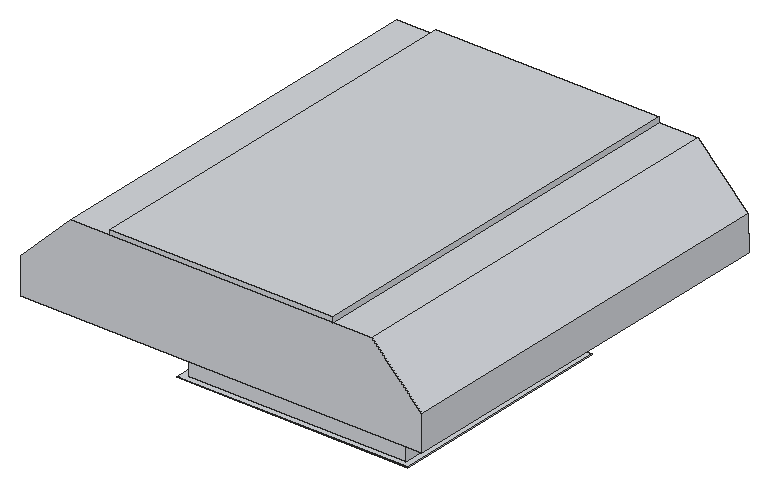
Revit family "HEF-D", category Mechanical Equipment, Revit 2019
Family settings
  Round Connector Dimension = Use Diameter
  Part Type = Normal
  Work Plane-Based = No
  Always vertical = Yes
  Cut with Voids When Loaded = No
  Shared = No
  Room Calculation Point = No
Parameters (values of type "54-HEF-D")
  Unit Weight [instance] = ""
  Sones [instance] = ""
  RO/2 = RO / 2  # 2' - 6 3/4"
  Motor RPM [instance] = ""
  Motor Enclosure [instance] = ""
  ModelID [instance] = ""
  LwA [instance] = ""
  W/2 = W / 2  # 4' - 11 1/2"
  L/2 = L / 2  # 5' - 0 1/2"
  RO = T_SQ - 0' 4 1/2"  # 5' - 1 1/2"
  T_SQ/2 = T_SQ / 2  # 2' - 9"
  Fan RPM [instance] = ""
  T_SQ = 5' - 6"
  W = 9' - 11"
  L = 10' - 1"
  CURB_HEIGHT [instance] = 0' - 9 1/2"
  CURB [instance] = yes
  C/2 = C / 2  # 0' - 7 3/8"
  C = 1' - 2 3/4"
  Brake Hp [instance] = ""
  B/2 = B / 2  # 0' - 1 1/2"
  B-.125" = B - 0' 0 1/8"  # 0' - 2 7/8"
  Accessories [instance] = ""
  A-C = A - C  # 2' - 5 3/4"
  B = 0' - 3"
  A/2 = A / 2  # 1' - 10 1/4"
  A-1.5" = A - 0' 1 1/2"  # 3' - 7"
  A = 3' - 8 1/2"
  4" = 0' - 4"  # constant formula
  2' = 2' - 0"
  2" = 0' - 2"  # constant formula
  1" = 0' - 1"  # constant formula
  0 = 0' - 0"  # constant formula
  Voltage [instance] = 0 V
  URL = "www.lorencook.com"
  Type Comments = "Hooded Supply Ventilator Extruded Aluminum Propeller Roof Mounted/Direct Drive Bi-Directional Unit"  # constant formula
  Static Pressure [instance] = 0.00 in-wg
  Power [instance] = Voltage * Motor FLA * sqrt(if(Phase = 3, 3, 1))  # 0 VA
  Phase [instance] = 0
  Number of Poles [instance] = 1
  Motor Hp [instance] = "0"
  Motor FLA [instance] = 0 A
  Model = "HEF-D"  # constant formula
  Manufacturer = "Loren Cook Company"
  CFM [instance] = 0 CFM
  1.5 = 0' - 1 1/2"  # constant formula
  ONE EIGTH = 0' - 0 1/8"  # constant formula
  -L/2 = -L / 2  # -5' - 0 1/2"
  -(C/2) = -(C / 2)  # -0' - 7 3/8"
  -(A/2) = -(A / 2)  # -1' - 10 1/4"
  (T_SQ/2)-2" = (T_SQ / 2) - 0' 2"  # 2' - 7"
  (T_SQ/2)+.125" = (T_SQ / 2) + 0' 0 1/8"  # 2' - 9 1/8"
  (A-C)/2 = (A - C) / 2  # 1' - 2 7/8"
Types (8): name | RO/2 | W/2 | L/2 | RO | T_SQ/2 | T_SQ | W | L | C/2 | C | B/2 | B-.125" | A-C | B | A/2 | A-1.5" | A | -L/2 | -(C/2) | -(A/2) | (T_SQ/2)-2" | (T_SQ/2)+.125" | (A-C)/2
  (no name) | 2' - 6 3/4" | 4' - 11 1/2" | 5' - 0 1/2" | 5' - 1 1/2" | 2' - 9" | 5' - 6" | 9' - 11" | 10' - 1" | 0' - 7 3/8" | 1' - 2 3/4" | 0' - 1 1/2" | 0' - 2 7/8" | 2' - 5 3/4" | 0' - 3" | 1' - 10 1/4" | 3' - 7" | 3' - 8 1/2" | -5' - 0 1/2" | -0' - 7 3/8" | -1' - 10 1/4" | 2' - 7" | 2' - 9 1/8" | 1' - 2 7/8"
  20-HEF-D | 1' - 1 3/4" | 2' - 5 1/2" | 2' - 5 1/2" | 2' - 3 1/2" | 1' - 4" | 2' - 8" | 4' - 11" | 4' - 11" | 0' - 5" | 0' - 10" | 0' - 1" | 0' - 1 7/8" | 1' - 6 3/4" | 0' - 2" | 1' - 2 3/8" | 2' - 3 1/4" | 2' - 4 3/4" | -2' - 5 1/2" | -0' - 5" | -1' - 2 3/8" | 1' - 2" | 1' - 4 1/8" | 0' - 9 3/8"
  30-HEF-D | 1' - 6 3/4" | 3' - 4" | 3' - 4" | 3' - 1 1/2" | 1' - 9" | 3' - 6" | 6' - 8" | 6' - 8" | 0' - 5" | 0' - 10" | 0' - 1 1/2" | 0' - 2 7/8" | 1' - 11" | 0' - 3" | 1' - 4 1/2" | 2' - 7 1/2" | 2' - 9" | -3' - 4" | -0' - 5" | -1' - 4 1/2" | 1' - 7" | 1' - 9 1/8" | 0' - 11 1/2"
  36-HEF-D | 1' - 9 3/4" | 3' - 9" | 3' - 9" | 3' - 7 1/2" | 2' - 0" | 4' - 0" | 7' - 6" | 7' - 6" | 0' - 5" | 0' - 10" | 0' - 1 1/2" | 0' - 2 7/8" | 2' - 4" | 0' - 3" | 1' - 7" | 3' - 0 1/2" | 3' - 2" | -3' - 9" | -0' - 5" | -1' - 7" | 1' - 10" | 2' - 0 1/8" | 1' - 2"
  42-HEF-D | 2' - 0 3/4" | 3' - 9" | 4' - 7" | 4' - 1 1/2" | 2' - 3" | 4' - 6" | 7' - 6" | 9' - 2" | 0' - 6 3/4" | 1' - 1 1/2" | 0' - 1 1/2" | 0' - 2 7/8" | 2' - 4" | 0' - 3" | 1' - 8 3/4" | 3' - 4" | 3' - 5 1/2" | -4' - 7" | -0' - 6 3/4" | -1' - 8 3/4" | 2' - 1" | 2' - 3 1/8" | 1' - 2"
  48-HEF-D | 2' - 3 3/4" | 4' - 6 1/2" | 4' - 7 1/2" | 4' - 7 1/2" | 2' - 6" | 5' - 0" | 9' - 1" | 9' - 3" | 0' - 7 3/8" | 1' - 2 3/4" | 0' - 1 1/2" | 0' - 2 7/8" | 2' - 5 3/4" | 0' - 3" | 1' - 10 1/4" | 3' - 7" | 3' - 8 1/2" | -4' - 7 1/2" | -0' - 7 3/8" | -1' - 10 1/4" | 2' - 4" | 2' - 6 1/8" | 1' - 2 7/8"
  54-HEF-D | 2' - 6 3/4" | 4' - 11 1/2" | 5' - 0 1/2" | 5' - 1 1/2" | 2' - 9" | 5' - 6" | 9' - 11" | 10' - 1" | 0' - 7 3/8" | 1' - 2 3/4" | 0' - 1 1/2" | 0' - 2 7/8" | 2' - 5 3/4" | 0' - 3" | 1' - 10 1/4" | 3' - 7" | 3' - 8 1/2" | -5' - 0 1/2" | -0' - 7 3/8" | -1' - 10 1/4" | 2' - 7" | 2' - 9 1/8" | 1' - 2 7/8"
  24-HEF-D | 1' - 3 3/4" | 2' - 10 1/2" | 2' - 10 1/2" | 2' - 7 1/2" | 1' - 6" | 3' - 0" | 5' - 9" | 5' - 9" | 0' - 5" | 0' - 10" | 0' - 1 1/2" | 0' - 2 7/8" | 1' - 8 1/2" | 0' - 3" | 1' - 3 1/4" | 2' - 5" | 2' - 6 1/2" | -2' - 10 1/2" | -0' - 5" | -1' - 3 1/4" | 1' - 4" | 1' - 6 1/8" | 0' - 10 1/4"
Reference planes (in)
  plane 1 "Center (Front/Back)": y = 0
  plane 2: z = 0
  plane 3 "Center (Left/Right)": x = 0.40541
Forms (in)
  Extrusion 1, solid
    sketch origin (0, 0, 0) x (1, 0, 0) y (0, 1, 0)
      loop
        line (-32.71959, 33.125) -> (-32.71959, -33.125) -> (33.53041, -33.125) -> (33.53041, 33.125) -> (-32.71959, 33.125)
    from 0 to 3 <- "B"
  Extrusion 2, void
    sketch origin (0, 0, 0) x (1, 0, 0) y (0, 1, 0)
      loop
        line (-32.59459, 33) -> (-32.59459, -33) -> (33.40541, -33) -> (33.40541, 33) -> (-32.59459, 33)
    from 0 to 2.875 <- "B-.125""
  Revolve 3, solid
    sketch origin (0, 0, 0) x (1, 0, 0) y (0, 0, 1)
      loop
        line (0.40541, 3) -> (31.40541, 3)
        arc (31.40541, 3) -> (24.03041, 10.375) -> (31.40541, 17.75) r 7.375
        line (31.40541, 17.75) -> (0.40541, 17.75) -> (0.40541, 3)
      axis (0.40541, 17.75) -> (0.40541, 3)
    angle from 0 to 360
  Extrusion 4, solid
    sketch origin (0, 0, 0) x (1, 0, 0) y (0, 0, 1)
      loop
        line (-59.09459, 17.75) -> (59.90541, 17.75) -> (59.90541, 43) -> (-59.09459, 43) -> (-59.09459, 17.75)
    from -60.5 <- "-L/2" to 60.5 <- "L/2"
  Extrusion 5, solid
    sketch origin (0, 0, 0) x (1, 0, 0) y (0, 0, 1)
      loop
        line (-32.59459, 43) -> (33.40541, 43) -> (33.40541, 44.5) -> (-32.59459, 44.5) -> (-32.59459, 43)
    from 60.5 <- "L/2" to -60.5 <- "-L/2"
  Extrusion 6, void
    sketch origin (0, 0, 0) x (1, 0, 0) y (0, 0, 1)
      loop
        line (45.03041, 43) -> (59.90541, 28.125) -> (59.90541, 43) -> (45.03041, 43)
      loop
        line (-44.21959, 43) -> (-59.09459, 43) -> (-59.09459, 28.125) -> (-44.21959, 43)
    from 60.5 <- "L/2" to -60.5 <- "-L/2"
  Extrusion 7, solid, visible <- "CURB"
    sketch origin (0, 0, 2.875) x (0, 1, 0) y (1, 0, 0)
      loop
        line (30.75, -30.34459) -> (30.75, 31.15541) -> (-30.75, 31.15541) -> (-30.75, -30.34459) -> (30.75, -30.34459)
      loop
        line (-32.25, 32.65541) -> (-32.25, -31.84459) -> (32.25, -31.84459) -> (32.25, 32.65541) -> (-32.25, 32.65541)
    from 0 to 9.5 <- "CURB_HEIGHT"
  Extrusion 8, solid, visible <- "CURB"
    sketch origin (0, 0, -6.625) x (-1, 0, 0) y (0, 1, 0)
      loop
        line (31.84459, -32.25) -> (31.84459, 32.25) -> (-32.65541, 32.25) -> (-32.65541, -32.25) -> (31.84459, -32.25)
      loop
        line (-34.65541, 34.25) -> (-34.65541, -34.25) -> (33.84459, -34.25) -> (33.84459, 34.25) -> (-34.65541, 34.25)
    from 0 to -0.125
Cuts and joins
  Extrusion 2 cuts Extrusion 1
  Extrusion 6 cuts Extrusion 4
  Extrusion 6 cuts Extrusion 5
Dimensions and locks (in)
  "(T_SQ/2)+.125"": Extrusion 1 sketch curve to plane 3 "Center (Left/Right)"
  "(T_SQ/2)+.125"": plane 3 "Center (Left/Right)" to Extrusion 1 sketch curve
  "(T_SQ/2)+.125"": plane 1 "Center (Front/Back)" to Extrusion 1 sketch curve
  "(T_SQ/2)+.125"": Extrusion 1 sketch curve to plane 1 "Center (Front/Back)"
  "T_SQ/2": Extrusion 2 sketch curve to plane 3 "Center (Left/Right)"
  "T_SQ/2": plane 3 "Center (Left/Right)" to Extrusion 2 sketch curve
  "T_SQ/2": plane 1 "Center (Front/Back)" to Extrusion 2 sketch curve
  "T_SQ/2": Extrusion 2 sketch curve to plane 1 "Center (Front/Back)"
  "C": Revolve 3 sketch curve to cut or joined group of Extrusion 1, Extrusion 2
  "(T_SQ/2)-2"": Revolve 3 sketch curve to plane 3 "Center (Left/Right)"
  "0": Revolve 3 sketch curve to plane 3 "Center (Left/Right)"  (x2)
  "0": Revolve 3 sketch curve to cut or joined group of Extrusion 1, Extrusion 2
  "A-1.5"": Extrusion 4 sketch curve to level
  "0": Extrusion 4 sketch curve to Revolve 3
  "W/2": Extrusion 4 sketch curve to plane 3 "Center (Left/Right)"  (x2)
  "0": Extrusion 5 sketch curve to Extrusion 4
  "1.5": Extrusion 5 sketch curve to Extrusion 5 sketch curve
  "T_SQ/2": Extrusion 5 sketch curve to plane 3 "Center (Left/Right)"
  "T_SQ/2": plane 3 "Center (Left/Right)" to Extrusion 5 sketch curve
  "0": Extrusion 6 sketch curve to Extrusion 4  (x3)
  "0": Extrusion 4 to Extrusion 6 sketch curve
  "(A-C)/2": Extrusion 6 sketch curve to Extrusion 6 sketch curve  (x4)
  "1.5": Extrusion 7 sketch curve to Extrusion 7 sketch curve  (x4)
  "RO/2": Extrusion 7 sketch curve to plane 3 "Center (Left/Right)"
  "RO/2": plane 3 "Center (Left/Right)" to Extrusion 7 sketch curve
  "RO/2": plane 1 "Center (Front/Back)" to Extrusion 7 sketch curve
  "RO/2": Extrusion 7 sketch curve to plane 1 "Center (Front/Back)"
  "2"": Extrusion 8 sketch curve to Extrusion 8 sketch curve  (x4)
  "0": Extrusion 8 sketch curve to Extrusion 7  (x3)
  "0": Extrusion 7 to Extrusion 8 sketch curve
Automatic sketch dimensions
  Revolve 3 sketch curve to level = 0' - 4"
  Revolve 3 sketch curve to Revolve 3 sketch curve = 0' - 0"
Connectors (in)
  hvac at (0.40541, 0, 2.875), driven by "RO", driven by "RO", driven by "CFM"
    settings: on cut or joined group of Extrusion 1, Extrusion 2, index 1, duct flow 0 CFM, flow factor 0, pres drop 0.00 in-wg, loss coef 0, conn angle 0.00°, conn width 61 1/2", conn height 61 1/2", conn diameter 24", duct sys type 29, conn prof type 1, flow config 0, flow direction 0, loss method 0, conn ref index -1, conn util no, is conn primary yes, conn desc ""
  electrical at (0.40541, 0, 2.875)
    settings: on cut or joined group of Extrusion 1, Extrusion 2, index 2, voltage 0 V, apparent load 0 VA, apparent load phase1 0 VA, apparent load phase2 0 VA, apparent load phase3 0 VA, power factor 1, load classification "Other", number of poles 1, system type 30, power factor state 1, is connector primary yes, connector utility no, sub classification motor no, connector description ""
